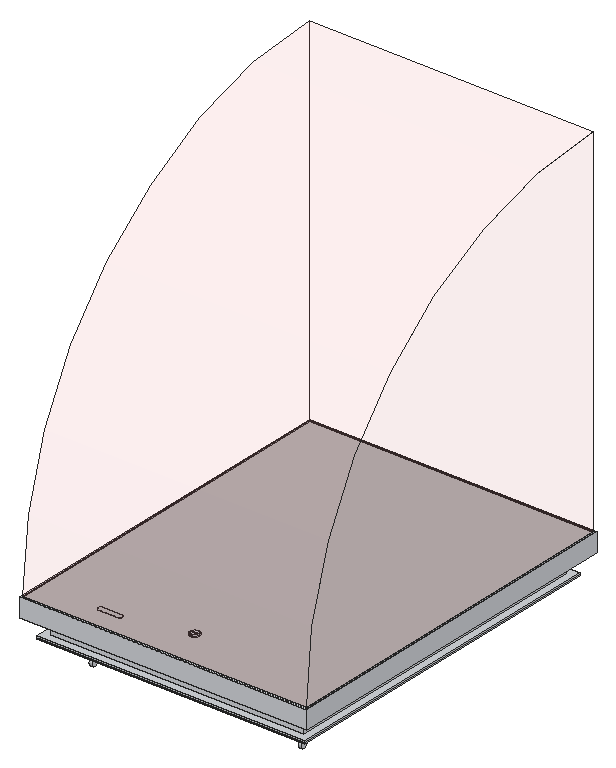
Revit family "Door_Access_Fire-Floor_Best_Access_Doors_FRFD", category Specialty Equipment, host Face, Revit 2017
Family settings
  Host = Face
  Round Connector Dimension = Use Diameter
  Part Type = Normal
  Cut with Voids When Loaded = No
  Shared = No
  Room Calculation Point = No
Parameters (values of type "36 x 48 Nom")
  Warranty Duration (Years) = 0
  Unit Width = 3' - 0"
  Unit Weight = 240
  Unit Height = 4' - 0"
  Unit Depth = 0' - 8"
  URL = "https://www.bestaccessdoors.com/"
  Test Data = ""
  Swing Clearance Visible [instance] = yes
  Standards Conformance = "NFPA 288  ;   ASTM E119  ;  Warnock Hersey International"
  Specification = ""
  SpecWizard = ""
  Sales Information = ""
  Revision = "R1_2017-03"
  Product data url = "https://bimobject.com/best-access-doors/product/floor-hatch-fire-rated-access-door"
  Product Properties = ""
  Product Data = ""
  Overall Width = 3' - 10"
  Overall Height = 4' - 10"
  Opening Width = Unit Width  # 3' - 0"
  Opening Height = Unit Height  # 4' - 0"
  Opening Depth [instance] = 1' - 0"
  Model = "FRFD"
  Manufacturer = "Best Access Doors"  # constant formula
  Maintenance Schedule (Months) = 0
  Keynote = ""
  Installation-Fabrication = ""
  Installation Phase = ""
  Green Building-LEED = ""
  Fixture Finish [instance] = Metal - Best Access Doors - Aluminum Diamond Plated
  Fire Performance = "2 HR Floor Ceiling Assembly"
  Expected Lifespan (Years) = 0
  Door Width = Overall Width - 0' 0 1/2"  # 3' - 9 1/2"
  Door Height = Overall Height - 0' 0 1/2"  # 4' - 9 1/2"
  Description = "Fire Rated Flush Floor Access Door - FRFD as Specified"
  Default Elevation = 0' - 0"  # constant formula
  Construction Details = ""
  Clearance Material [instance] = Clearance
  Clear Opening Width = 4' - 0"
  Clear Opening Height = 2' - 8"
  Capacity = "Live Load 150 lbs/sqft"
  Available Options [instance] = "as Specified"
  Assembly Code = ""
Types (9): name | Unit Width | Unit Weight | Unit Height | Overall Width | Overall Height | Opening Width | Opening Height | Door Width | Door Height | Clear Opening Width | Clear Opening Height
  48 x 48 Nom | 4' - 0" | 280 | 4' - 0" | 4' - 10" | 4' - 10" | 4' - 0" | 4' - 0" | 4' - 9 1/2" | 4' - 9 1/2" | 4' - 0" | 3' - 8"
  42 x 42 Nom | 3' - 6" | 250 | 3' - 6" | 4' - 4" | 4' - 4" | 3' - 6" | 3' - 6" | 4' - 3 1/2" | 4' - 3 1/2" | 3' - 6" | 3' - 2"
  36 x 48 Nom | 3' - 0" | 240 | 4' - 0" | 3' - 10" | 4' - 10" | 3' - 0" | 4' - 0" | 3' - 9 1/2" | 4' - 9 1/2" | 4' - 0" | 2' - 8"
  36 x 36 Nom | 3' - 0" | 190 | 3' - 0" | 3' - 10" | 3' - 10" | 3' - 0" | 3' - 0" | 3' - 9 1/2" | 3' - 9 1/2" | 3' - 0" | 2' - 8"
  30 x 36 Nom | 2' - 6" | 160 | 3' - 0" | 3' - 4" | 3' - 10" | 2' - 6" | 3' - 0" | 3' - 3 1/2" | 3' - 9 1/2" | 3' - 0" | 2' - 2"
  30 x 30 Nom | 2' - 6" | 130 | 2' - 6" | 3' - 4" | 3' - 4" | 2' - 6" | 2' - 6" | 3' - 3 1/2" | 3' - 3 1/2" | 2' - 6" | 2' - 2"
  24 x 48 Nom | 2' - 0" | 160 | 4' - 0" | 2' - 10" | 4' - 10" | 2' - 0" | 4' - 0" | 2' - 9 1/2" | 4' - 9 1/2" | 4' - 0" | 1' - 8"
  24 x 36 Nom | 2' - 0" | 140 | 3' - 0" | 2' - 10" | 3' - 10" | 2' - 0" | 3' - 0" | 2' - 9 1/2" | 3' - 9 1/2" | 3' - 0" | 1' - 8"
  24 x 24 Nom | 2' - 0" | 80 | 2' - 0" | 2' - 10" | 2' - 10" | 2' - 0" | 2' - 0" | 2' - 9 1/2" | 2' - 9 1/2" | 2' - 0" | 1' - 8"
Reference planes (in)
  plane 1 "Center (Front/Back)": y = 1.28343
  plane 2: z = 0
  plane 3 "Center (Left/Right)": x = 0
  plane 4: y = 25.28343
  plane 5: y = -22.71657
  plane 6: x = -18
  plane 7: x = 18
  plane 8: z = 0
  plane 9: y = 30.28343
  plane 10: y = -27.71657
  plane 11: x = -23
  plane 12: x = 23
  plane 13: z = -8
  plane 14: x = -18
  plane 15: x = 18
  plane 16: y = 25.28343
  plane 17: y = -22.71657
  plane 18: z = -12
  plane 19: x = -22.75
  plane 20: x = 22.75
Forms (in)
  Extrusion 1, void
    sketch origin (0, 0, 0) x (1, 0, 0) y (0, 1, 0)
      loop
        line (-18, 25.28343) -> (-18, -22.71657) -> (18, -22.71657) -> (18, 25.28343) -> (-18, 25.28343)
    from -12 to 0
  Extrusion 2, void
    sketch origin (0, 0, 0) x (1, 0, 0) y (0, 1, 0)
      loop
        line (-23, 30.28343) -> (-23, -27.71657) -> (23, -27.71657) -> (23, 30.28343) -> (-23, 30.28343)
    from 0 to -3
  Sweep 3, solid
    path origin (0, 0, 0) x (1, 0, 0) y (0, 1, 0)
      loop
        line (-23, 30.28343) -> (-23, -27.71657) -> (23, -27.71657) -> (23, 30.28343) -> (-23, 30.28343)
    profile origin (0, 30.28343, 0) x (0, 1, 0) y (0, 0, 1)
      loop
        line (0, 0) -> (-0.25, 0) -> (-0.25, -2.75) -> (-3, -2.75) -> (-3, -3) -> (0, -3) -> (0, 0)
  Sweep 4, solid
    path origin (0, 0, 0) x (1, 0, 0) y (0, 1, 0)
      loop
        line (-23, 30.28343) -> (-23, -27.71657) -> (23, -27.71657) -> (23, 30.28343) -> (-23, 30.28343)
    profile origin (0, 30.28343, 0) x (0, 1, 0) y (0, 0, 1)
      loop
        line (-3, -3) -> (-3, -6) -> (-1.5, -6) -> (-1.5, -5.75) -> (-2.75, -5.75) -> (-2.75, -3.25) -> (-1.5, -3.25) -> (-1.5, -3) -> (-3, -3)
  Sweep 5, void
    path origin (0, 0, 0) x (1, 0, 0) y (0, 1, 0)
      loop
        line (-20, 27.28343) -> (-20, -24.71657) -> (20, -24.71657) -> (20, 27.28343) -> (-20, 27.28343)
    profile origin (0, 27.28343, 0) x (0, 1, 0) y (0, 0, 1)
      loop
        line (1.5, -3) -> (0, -3) -> (0, -6) -> (1.5, -6) -> (1.5, -5.75) -> (0.25, -5.75) -> (0.25, -3.25) -> (1.5, -3.25) -> (1.5, -3)
  Extrusion 6, void
    sketch origin (0, 0, 0) x (1, 0, 0) y (0, 1, 0)
      loop
        line (-20, 27.28343) -> (-20, -24.71657) -> (20, -24.71657) -> (20, 27.28343) -> (-20, 27.28343)
    from -6 to -3
  Sweep 7, solid
    path origin (0, 0, 0) x (1, 0, 0) y (0, 1, 0)
      loop
        line (-23, 30.28343) -> (-23, -27.71657) -> (23, -27.71657) -> (23, 30.28343) -> (-23, 30.28343)
    profile origin (0, 30.28343, 0) x (0, 1, 0) y (0, 0, 1)
      loop
        line (-1.5, -6) -> (-5, -6) -> (-5, -8) -> (-4.875, -8) -> (-4.875, -6.125) -> (-1.5, -6.125) -> (-1.5, -6)
  Sweep 8, void
    path origin (0, 0, 0) x (1, 0, 0) y (0, 1, 0)
      loop
        line (-23, 30.28343) -> (-23, -27.71657) -> (23, -27.71657) -> (23, 30.28343) -> (-23, 30.28343)
    profile origin (0, 30.28343, 0) x (0, 1, 0) y (0, 0, 1)
      loop
        line (-5, -6) -> (-5, -8) -> (-4.875, -8) -> (-4.875, -6.125) -> (-1.5, -6.125) -> (-1.5, -6) -> (-5, -6)
  Extrusion 9, solid
    sketch origin (0, 0, 0) x (1, 0, 0) y (0, 1, 0)
      loop
        line (-22.75, 30.03343) -> (-22.75, -27.46657) -> (22.75, -27.46657) -> (22.75, 30.03343) -> (-22.75, 30.03343)
    from 0 to -2.75
  Extrusion 10, solid
    sketch origin (0, 0, 0) x (1, 0, 0) y (0, 1, 0)
      loop
        line (-19.5, 26.78343) -> (-19.5, -24.21657) -> (19.5, -24.21657) -> (19.5, 26.78343) -> (-19.5, 26.78343)
    from -6 to -2.75
  Extrusion 11, solid
    sketch origin (18, 19.13326, 48) x (0, 1, 0) y (0, 0, 1)
      loop
        line (-40.34983, -54.125) -> (-40.34983, -55.375) -> (-40.03733, -55.375) -> (-40.03733, -57.68497)
        arc (-40.03733, -57.68497) -> (-39.97483, -58.68105) -> (-39.91233, -57.68497) r 0.5
        line (-39.91233, -57.68497) -> (-39.91233, -55.375) -> (-39.59983, -55.375) -> (-39.59983, -54.125) -> (-40.34983, -54.125)
    from -1.5 to -1
  Extrusion 12, solid
    sketch origin (-18, 19.13326, 48) x (0, 1, 0) y (0, 0, 1)
      loop
        line (-40.34983, -54.125) -> (-40.34983, -55.375) -> (-40.03733, -55.375) -> (-40.03733, -57.68497)
        arc (-40.03733, -57.68497) -> (-39.97483, -58.68105) -> (-39.91233, -57.68497) r 0.5
        line (-39.91233, -57.68497) -> (-39.91233, -55.375) -> (-39.59983, -55.375) -> (-39.59983, -54.125) -> (-40.34983, -54.125)
    from 1.5 to 1
  Extrusion 13, solid, material "Metal - Best Access Doors - Aluminum Diamond Plated" <- "Fixture Finish"
    sketch origin (0, 0, 0) x (1, 0, 0) y (0, 1, 0)
      loop
        arc (-13.31977, -23.40898) -> (-13.49655, -23.48221) -> (-13.56977, -23.65898) r 0.25
        line (-13.56977, -23.65898) -> (-13.56977, -23.90898)
        arc (-13.56977, -23.90898) -> (-13.49655, -24.08576) -> (-13.31977, -24.15898) r 0.25
        line (-13.31977, -24.15898) -> (-10.06977, -24.15898)
        arc (-10.06977, -24.15898) -> (-9.893, -24.08576) -> (-9.81977, -23.90898) r 0.25
        line (-9.81977, -23.90898) -> (-9.81977, -23.65898)
        arc (-9.81977, -23.65898) -> (-9.893, -23.48221) -> (-10.06977, -23.40898) r 0.25
        line (-10.06977, -23.40898) -> (-13.31977, -23.40898)
    from 0 to -2.04273
  Extrusion 14, solid
    sketch origin (0, 0, 0) x (1, 0, 0) y (0, 1, 0)
      loop
        circle (0, -21.49023) r 0.75
    from 0 to 0.0625
  Extrusion 15, solid
    sketch origin (0, 0, 0) x (1, 0, 0) y (0, 1, 0)
      loop
        circle (0, -21.49023) r 0.62422
      loop
        line (-0.56975, -21.39055) -> (-0.56975, -21.5899) -> (0.56975, -21.5899) -> (0.56975, -21.39055) -> (-0.56975, -21.39055)
    from 0 to 0.18343
  Extrusion 16, solid, material "Clearance" <- "Clearance Material", visible <- "Swing Clearance Visible"
    sketch origin (0, 0, 0) x (0, 1, 0) y (0, 0, 1)
      loop
        arc (30.03343, 57.5) -> (-10.62521, 40.65864) -> (-27.46657, 0) r 57.5
        line (-27.46657, 0) -> (30.03343, 0) -> (30.03343, 57.5)
    from -22.75 to 22.75
Dimensions and locks (in)
  locked: plane 8 to level
  equal spacing: plane 4, plane 1 "Center (Front/Back)", plane 5
  "Unit Height": plane 4 to plane 5
  equal spacing: plane 6, plane 3 "Center (Left/Right)", plane 7
  "Unit Width": plane 6 to plane 7
  equal spacing: plane 11, plane 3 "Center (Left/Right)", plane 12
  equal spacing: plane 9, plane 1 "Center (Front/Back)", plane 10
  "Overall Width": plane 11 to plane 12
  "Overall Height": plane 9 to plane 10
  "Unit Depth": plane 8 to plane 13
  equal spacing: plane 16, plane 1 "Center (Front/Back)", plane 17
  equal spacing: plane 14, plane 3 "Center (Left/Right)", plane 15
  "Opening Width": plane 14 to plane 15
  "Opening Height": plane 16 to plane 17
  "Opening Depth": level to plane 18
  locked: plane 11 to Sweep 5 sketch curve at 3
  locked: Sweep 5 sketch curve to plane 12 at 3
  locked: plane 9 to Sweep 5 sketch curve at 3
  locked: Sweep 5 sketch curve to plane 10 at 3
  locked: plane 9 to Extrusion 6 sketch curve at 3
  locked: Extrusion 6 sketch curve to plane 10 at 3
  locked: plane 11 to Extrusion 6 sketch curve at 3
  locked: Extrusion 6 sketch curve to plane 12 at 3
  locked: plane 9 to Extrusion 9 sketch curve at 0.25
  locked: plane 11 to Extrusion 9 sketch curve at 0.25
  locked: Extrusion 9 sketch curve to plane 12 at 0.25
  locked: Extrusion 9 sketch curve to plane 10 at 0.25
  locked: plane 9 to Extrusion 10 sketch curve at 3.5
  locked: plane 11 to Extrusion 10 sketch curve at 3.5
  locked: Extrusion 10 sketch curve to plane 12 at 3.5
  locked: Extrusion 10 sketch curve to plane 10 at 3.5
  Extrusion 11 sketch curve to Extrusion 11 sketch curve to Extrusion 11 sketch curve to plane 13 to Extrusion 11 sketch curve = 0' - 1 1/4" locked, 0' - 0" locked, 0' - 0 5/8" locked, 0' - 2.18105" locked
  Extrusion 12 sketch curve to Extrusion 12 sketch curve to Extrusion 12 sketch curve to plane 13 to Extrusion 12 sketch curve = 0' - 1 1/4" locked, 0' - 0" locked, 0' - 0 5/8" locked, 0' - 2.18105" locked
  plane 17 to Extrusion 11 sketch curve to Extrusion 11 sketch curve to Extrusion 11 sketch curve to Extrusion 11 sketch curve to Extrusion 11 sketch curve = 0' - 1 1/2" locked, 0' - 0 5/16" locked, 0' - 0 1/16" locked, 0' - 0 1/16" locked, 0' - 0 5/16" locked
  plane 17 to Extrusion 12 sketch curve to Extrusion 12 sketch curve to Extrusion 12 sketch curve to Extrusion 12 sketch curve to Extrusion 12 sketch curve = 0' - 1 1/2" locked, 0' - 0 5/16" locked, 0' - 0 1/16" locked, 0' - 0 1/16" locked, 0' - 0 5/16" locked
  Extrusion 13 sketch curve to Extrusion 13 sketch curve to plane 10 = 0' - 0 3/4" locked, 0' - 3.55759" locked
  plane 11 to Extrusion 13 sketch curve to Extrusion 13 sketch curve = 0' - 9.43023" locked, 0' - 3 3/4" locked
  Extrusion 15 sketch curve to Extrusion 15 sketch curve to Extrusion 15 sketch curve to plane 10 = 0' - 0.09968" locked, 0' - 0.09968" locked, 0' - 6.12667" locked
  locked: Extrusion 14 sketch curve to plane 10 at 6.22634
  locked: Extrusion 16 sketch curve to plane 9 at 0.25
  locked: plane 10 to Extrusion 16 sketch curve at 0.25
  locked: plane 11 to plane 19 at 0.25
  locked: plane 12 to plane 20 at 0.25
  "Door Height": radius of Extrusion 16 sketch curve
  aligned and locked: host face to plane 2
  aligned and locked: host face to level
  aligned and locked: Extrusion 1 sketch curve to plane 16
  aligned and locked: Extrusion 1 sketch curve to plane 14
  aligned and locked: plane 17 to Extrusion 1 sketch curve
  aligned and locked: Extrusion 1 sketch curve to plane 15
  aligned and locked: Extrusion 1 to plane 18
  aligned and locked: plane 8 to Extrusion 1
  aligned and locked: Extrusion 2 sketch curve to plane 9
  aligned and locked: Extrusion 2 sketch curve to plane 11
  aligned and locked: Extrusion 2 sketch curve to plane 10
  aligned and locked: Extrusion 2 sketch curve to plane 12
  aligned and locked: Sweep 3 sketch curve to plane 9
  aligned and locked: Sweep 3 sketch curve to plane 11
  aligned and locked: Sweep 3 sketch curve to plane 10
  aligned and locked: Sweep 3 sketch curve to plane 12
  aligned and locked: Sweep 4 sketch curve to Sweep 3  (x4)
  aligned and locked: Sweep 7 sketch curve to Sweep 3  (x3)
  aligned and locked: Sweep 7 sketch curve to plane 12
  aligned and locked: Sweep 8 sketch curve to Sweep 3  (x4)
  aligned and locked: Extrusion 16 to plane 20
  aligned and locked: Extrusion 16 to plane 19
Automatic sketch dimensions
  host sketch curve to host sketch curve = 12' - 11.75605"
  host sketch curve to host sketch curve = 12' - 7.74281"
  Sweep 3 sketch curve to level = 0' - 0"
  Sweep 3 sketch curve to profile plane = 0' - 0"
  profile plane to Sweep 3 sketch curve = 0' - 0 1/4"
  Sweep 3 sketch curve to Sweep 3 sketch curve = 0' - 2 3/4"  (x2)
  Sweep 3 sketch curve to Sweep 3 sketch curve = 0' - 0 1/4"
  profile plane to Sweep 4 sketch curve = 0' - 3"
  Sweep 4 sketch curve to Sweep 4 sketch curve = 0' - 0 1/4"  (x3)
  Sweep 4 sketch curve to Sweep 4 sketch curve = 0' - 1 1/4"  (x2)
  Sweep 4 sketch curve to level = 0' - 6"
  Sweep 4 sketch curve to Sweep 4 sketch curve = 0' - 2 1/2"
  Sweep 5 sketch curve to profile plane = 0' - 0"
  Sweep 5 sketch curve to profile plane = 0' - 0 1/4"
  Sweep 5 sketch curve to Sweep 5 sketch curve = 0' - 1 1/4"  (x2)
  Sweep 5 sketch curve to level = 0' - 6"
  Sweep 5 sketch curve to Sweep 5 sketch curve = 0' - 0 1/4"  (x2)
  Sweep 5 sketch curve to Sweep 5 sketch curve = 0' - 2 1/2"
  profile plane to Sweep 7 sketch curve = 0' - 5"
  Sweep 7 sketch curve to Sweep 7 sketch curve = 0' - 0 1/8"  (x2)
  Sweep 7 sketch curve to level = 0' - 8"
  Sweep 7 sketch curve to Sweep 7 sketch curve = 0' - 1 7/8"
  profile plane to Sweep 7 sketch curve = 0' - 1 1/2"
  profile plane to Sweep 8 sketch curve = 0' - 5"
  Sweep 8 sketch curve to Sweep 8 sketch curve = 0' - 0 1/8"  (x2)
  profile plane to Sweep 8 sketch curve = 0' - 1 1/2"
  Sweep 8 sketch curve to level = 0' - 8"
  Sweep 8 sketch curve to Sweep 8 sketch curve = 0' - 1 7/8"
  Extrusion 11 sketch curve to Extrusion 11 sketch curve = 0' - 0 127/256"
  Extrusion 12 sketch curve to Extrusion 12 sketch curve = 0' - 0 127/256"
  Extrusion 13 sketch curve to Extrusion 13 sketch curve = 0' - 0 1/4"  (x3)
  Extrusion 13 sketch curve to Extrusion 13 sketch curve = 0' - 0"
  Extrusion 14 sketch curve to plane 3 "Center (Left/Right)" = 0' - 0"
  Extrusion 15 sketch curve to plane 3 "Center (Left/Right)" = 0' - 0"
  Extrusion 15 sketch curve to plane 3 "Center (Left/Right)" = 0' - 0.56975"
  plane 3 "Center (Left/Right)" to Extrusion 15 sketch curve = 0' - 0.56975"
  Extrusion 16 sketch curve to level = 0' - 0"
  radius of Extrusion 14 sketch curve = 0' - 0 3/4"
  radius of Extrusion 15 sketch curve = 0' - 0.62422"
